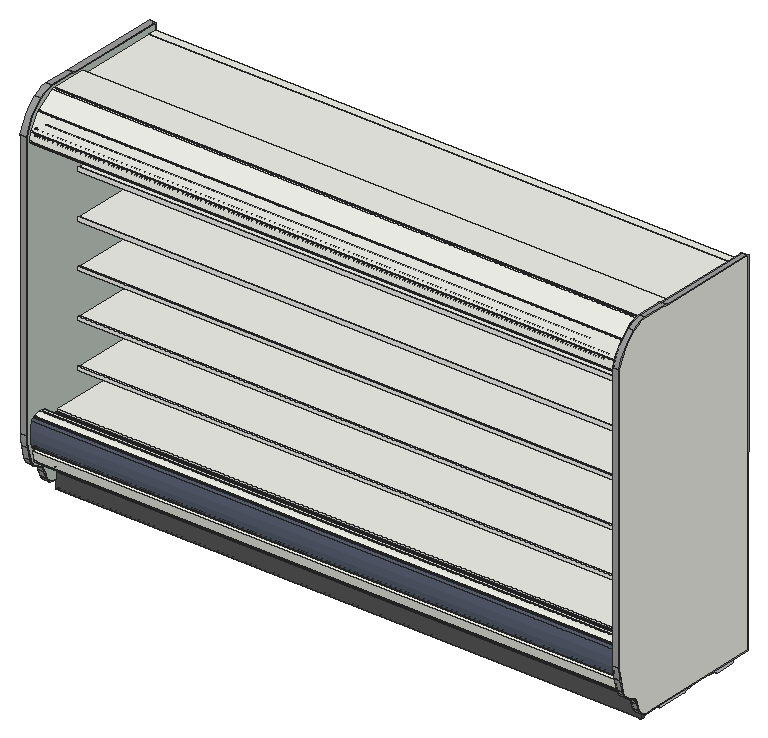
Revit family "ID6NL_2014", category Specialty Equipment, Revit 2014
Parameters (values of type "12'-0" Length")
  Width = 144 1/2"
  Waste Outlet Location = if(Width = 48 1/8", 24", if(Width = 72 1/4", 24", if(Width = 96 1/4", 24", if(Width = 144 1/2", 72", 0"))))  # 72"
  Waste Drain = 1 1/4"  # constant formula
  URL = "www.hussmann.com"
  Type Comments = ""
  Trim = Stainless Steel
  Total Weight = Case Weight + (2 * End Weight)  # 1800.00 lbf
  Top Clearance = 1 1/2"  # constant formula
  Supports = Width = 144 1/2"  # yes
  Splashguard = Textured Sheet Metal (Steel Painted) - 701 Black
  Side Panel - Right [instance] = yes
  Side Panel - Left [instance] = yes
  Shelves = Sheet Metal (Steel Painted) - 700 Interior White
  Shelf Lights [instance] = yes
  Shelf = yes
  Revit Family Date = "11/24/2015"  # constant formula
  Refrigeration Lines Suction = 7/8"  # constant formula
  Refrigeration Lines Liquid = 3/8"  # constant formula
  Refrig. Suction = "Suction"
  Refrig. Liquid = "Liquid"
  Number of Shelves = 5  # constant formula
  Note from Manufacturer = "This model only comes in 4'-0\", 6'-0\", 8'-0\", and 12'-0\" lengths."
  Model = "ID6NL"  # constant formula
  Manufacturer Disclaimer = "The information in this file is not intended to be an exact representation of the corresponding Hussmann product.  Further, we reserve the right to change or revise specifications and product design in connection with any feature of our products. Such changes do not entitle the buyer to corresponding changes, improvements, additions, or replacements for equipment previously sold or shipped."  # constant formula
  Manufacturer = "Hussmann Corporation"  # constant formula
  Height = 89"  # constant formula
  Ends = Textured Sheet Metal (Steel Painted) - 149 White Satin Matte
  End Weight = 100.00 lbf  # constant formula
  Description = ""
  Depth = 38 5/8"  # constant formula
  Clearance [instance] = no
  Center Support 1 = Width = 96 1/4"  # no
  Center Support 2 = Width = 72 1/4"  # no
  Case Weight = if(Width = 48 1/8", 800.00 lbf, if(Width = 72 1/4", 1000.00 lbf, if(Width = 96 1/4", 1200.00 lbf, if(Width = 144 1/2", 1600.00 lbf, 0.00 lbf))))  # 1600.00 lbf
  Case Interior - Side Panel = Mirror
  Case Interior - Back Panel = Sheet Metal (Steel Painted) - 700 Interior White
  Case = Textured Sheet Metal (Steel Painted) - 149 White Satin Matte
  Bumper = Extruded PVC - 739 Royal Blue
  Back Clearance = 1 1/2"  # constant formula
  Assembly Code = ""
  Accessories/Options = ""
Reference planes (in)
  plane 1 "Back": y = 0
  plane 2 "Bottom": z = 0
  plane 3 "Top": z = 89
  plane 4 "Left": x = -77.30699
  plane 5 "Front": y = -38.625
  plane 6 "Center (Left/Right)": x = -5.05699
  plane 7: y = 1.5
  plane 8: x = -78.80699
  plane 9 "Right": x = 67.19301
  plane 10: x = 68.69301
  plane 11: z = 24
  plane 12: z = 68
  plane 13: z = 90.5
Forms (in)
  Extrusion 1, solid, material "Metal - Copper"
    sketch origin (63.0625, 1.04319, 0) x (1, 0, 0) y (0, 1, 0)
      loop
        arc (-67.86949, -29.05062) -> (-68.31143, -29.23368) -> (-68.49449, -29.67562) r 0.625
        arc (-68.49449, -29.67562) -> (-68.31143, -30.11756) -> (-67.86949, -30.30062) r 0.625
        arc (-67.86949, -30.30062) -> (-67.42754, -30.11756) -> (-67.24449, -29.67562) r 0.625
        arc (-67.24449, -29.67562) -> (-67.42754, -29.23368) -> (-67.86949, -29.05062) r 0.625
      loop
        circle (-67.86949, -29.67562) r 0.5852
    from 5.56429 to 0
  Extrusion 2, solid, material "Metal - Copper"
    sketch origin (57.40105, 5, -0.375) x (1, 0, 0) y (0, 1, 0)
      loop
        circle (0.4877, -28.8707) r 0.41359
      loop
        circle (0.4877, -28.8707) r 0.4375
    from 5.93929 to 0.375
  Extrusion 3, solid, material "Metal - Copper"
    sketch origin (59.82608, 5, -0.375) x (1, 0, 0) y (0, 1, 0)
      loop
        circle (-1.31233, -28.8707) r 0.17188
      loop
        circle (-1.31233, -28.8707) r 0.1875
    from 5.93929 to 0.375
  Extrusion 4, solid, material "Extruded PVC - 739 Royal Blue" <- "Bumper"
    sketch origin (-5.05699, 0, 0) x (0, 1, 0) y (0, 0, 1)
      loop
        arc (-37.3441, 18.82348) -> (-37.51109, 18.79876) -> (-37.67229, 18.74864) r 1.09367
        arc (-37.67229, 18.74864) -> (-37.96587, 18.56662) -> (-38.17809, 18.29407) r 0.98023
        arc (-38.17809, 18.29407) -> (-38.61975, 15.47472) -> (-38.17809, 12.65537) r 9.21958
        arc (-38.17809, 12.65537) -> (-37.96587, 12.38282) -> (-37.67229, 12.2008) r 0.98023
        arc (-37.67229, 12.2008) -> (-37.63936, 12.18833) -> (-37.60604, 12.17692) r 1.10618
        arc (-37.60604, 12.17692) -> (-37.51976, 12.17767) -> (-37.45131, 12.2302) r 0.13596
        line (-37.45131, 12.2302) -> (-37.11966, 12.72188) -> (-37.11966, 18.44483) -> (-37.3441, 18.82348)
    from 72.25 to -72.25
  Extrusion 5, solid, material "Sheet Metal (Steel Painted) - 700 Interior White" <- "Case Interior - Back Panel"
    sketch origin (-5.05699, -0.20443, 0) x (0, 1, 0) y (0, 0, 1)
      loop
        line (-25.35587, 82.65598) -> (-7.70304, 82.50193) -> (-7.70304, 16.72278) -> (-6.34347, 16.72278) -> (-6.34347, 82.86506) -> (-25.35587, 83.03098) -> (-25.35587, 82.65598)
    from 72.25 to -72.25
  Extrusion 6, solid, material "Textured Sheet Metal (Steel Painted) - 701 Black" <- "Splashguard"
    sketch origin (-5.05699, 0.08013, -0.40175) x (0, 1, 0) y (0, 0, 1)
      loop
        line (-30.655, 4.08973) -> (-30.655, 0.45384)
        arc (-30.655, 0.45384) -> (-30.63003, 0.41059) -> (-30.5801, 0.41059) r 0.04993
        line (-30.5801, 0.41059) -> (-30.50521, 0.45384) -> (-30.30705, 0.45384)
        arc (-30.30705, 0.45384) -> (-30.22746, 0.40477) -> (-30.16667, 0.47581) r 0.07191
        line (-30.16667, 0.47581) -> (-30.16667, 4.37291)
        arc (-30.16667, 4.37291) -> (-30.19397, 4.41742) -> (-30.24602, 4.41326) r 0.04993
        line (-30.24602, 4.41326) -> (-30.63448, 4.13008)
        arc (-30.63448, 4.13008) -> (-30.64958, 4.11236) -> (-30.655, 4.08973) r 0.04993
    from 72.25 to -72.25
  Extrusion 7, solid, material "Sheet Metal (Steel Painted) - 700 Interior White" <- "Case Interior - Back Panel"
    sketch origin (-5.05699, 0, 0) x (0, 1, 0) y (0, 0, 1)
      loop
        line (-34.70437, 80.66904) -> (-34.70437, 81.83373) -> (-34.75935, 81.83373)
        arc (-34.75935, 81.83373) -> (-34.80908, 81.84806) -> (-34.84357, 81.88664) r 0.09347
        line (-34.84357, 81.88664) -> (-34.41746, 81.88664) -> (-34.41746, 81.80767) -> (-34.30349, 81.80767) -> (-34.30349, 81.56074) -> (-33.98459, 81.56074) -> (-33.98459, 81.80767) -> (-33.87063, 81.80767) -> (-33.87063, 81.88664) -> (-33.4946, 81.88664) -> (-33.4946, 81.5119) -> (-33.3822, 81.42269)
        arc (-33.3822, 81.42269) -> (-33.23151, 81.33282) -> (-33.05887, 81.30154) r 0.49204
        line (-33.05887, 81.30154) -> (-32.4097, 81.30154)
        arc (-32.4097, 81.30154) -> (-32.37634, 81.31536) -> (-32.36253, 81.34871) r 0.04717
        line (-32.36253, 81.34871) -> (-32.36253, 81.6497) -> (-27.31084, 81.6497)
        arc (-27.31084, 81.6497) -> (-27.32897, 81.62482) -> (-27.30622, 81.60408) r 0.02306
        line (-27.30622, 81.60408) -> (-27.03439, 81.60171)
        arc (-27.03439, 81.60171) -> (-27.00743, 81.6126) -> (-26.99608, 81.63936) r 0.03798
        line (-26.99608, 81.63936) -> (-26.98697, 82.68301) -> (-25.56003, 82.67055) -> (-25.5603, 83.04545) -> (-25.33222, 83.04346) -> (-25.31664, 84.82877) -> (-26.5658, 84.8409) -> (-26.5658, 86.30081) -> (-30.17769, 86.30081) -> (-30.17769, 85.58155) -> (-30.17769, 85.49118)
        arc (-30.17769, 85.49118) -> (-30.18926, 85.43865) -> (-30.22184, 85.39586) r 0.12496
        line (-30.22184, 85.39586) -> (-33.1838, 82.88502)
        arc (-33.1838, 82.88502) -> (-33.19539, 82.86991) -> (-33.19952, 82.85131) r 0.044
        line (-33.19952, 82.85131) -> (-33.19952, 81.91565) -> (-36.8422, 81.91565)
        arc (-36.8422, 81.91565) -> (-36.87331, 81.90276) -> (-36.8862, 81.87165) r 0.044
        line (-36.8862, 81.87165) -> (-36.8862, 80.66611)
        arc (-36.8862, 80.66611) -> (-36.85711, 80.63703) -> (-36.82803, 80.66611) r 0.02909
        line (-36.82803, 80.66611) -> (-36.82803, 81.88664) -> (-35.74981, 81.88664)
        arc (-35.74981, 81.88664) -> (-35.7843, 81.84806) -> (-35.83402, 81.83373) r 0.09347
        line (-35.83402, 81.83373) -> (-35.88901, 81.83373) -> (-35.88901, 80.66904) -> (-34.70437, 80.66904)
    from 72.25 to -72.25
  Extrusion 8, solid, material "Sheet Metal (Steel Painted) - 700 Interior White" <- "Shelves"
    sketch origin (-5.05699, 0, 0) x (0, 1, 0) y (0, 0, 1)
      loop
        line (-10.25824, 17.54252) -> (-30.2521, 17.54252) -> (-30.2521, 17.04942) -> (-30.66297, 17.04942)
        arc (-30.66297, 17.04942) -> (-30.76291, 17.03626) -> (-30.85604, 16.99769) r 0.38613
        line (-30.85604, 16.99769) -> (-31.00187, 16.91349) -> (-31.00187, 16.52158) -> (-30.9559, 16.52158) -> (-30.66934, 16.68703) -> (-29.25241, 16.68703) -> (-29.25241, 16.91771) -> (-10.25824, 16.91771) -> (-10.25824, 17.06466) -> (-9.60744, 17.06466) -> (-9.60744, 16.70177) -> (-8.95814, 16.70177) -> (-8.95814, 16.58181)
        arc (-8.95814, 16.58181) -> (-8.92857, 16.51043) -> (-8.85719, 16.48086) r 0.10095
        line (-8.85719, 16.48086) -> (-8.35926, 16.48086) -> (-8.35926, 16.40679) -> (-14.91132, 16.40679)
        arc (-14.91132, 16.40679) -> (-15.02482, 16.36153) -> (-15.07604, 16.25059) r 0.16495
        arc (-15.07604, 16.25059) -> (-15.12725, 16.13964) -> (-15.24076, 16.09438) r 0.16495
        line (-15.24076, 16.09438) -> (-18.69016, 16.09438)
        arc (-18.69016, 16.09438) -> (-19.61122, 16.05417) -> (-20.52527, 15.93383) r 10.568
        line (-20.52527, 15.93383) -> (-31.48626, 14.00111) -> (-31.77177, 13.95077) -> (-31.95587, 13.91831)
        arc (-31.95587, 13.91831) -> (-32.06235, 13.85048) -> (-32.08967, 13.72722) r 0.16495
        line (-32.08967, 13.72722) -> (-32.06949, 13.61277)
        arc (-32.06949, 13.61277) -> (-32.11089, 13.42602) -> (-32.27222, 13.32325) r 0.24992
        line (-32.27222, 13.32325) -> (-31.28772, 13.49684)
        arc (-31.28772, 13.49684) -> (-31.12258, 13.60522) -> (-31.0877, 13.79963) r 0.24992
        arc (-31.0877, 13.79963) -> (-31.06408, 13.92808) -> (-30.95509, 13.99961) r 0.16495
        line (-30.95509, 13.99961) -> (-20.509, 15.84153)
        arc (-20.509, 15.84153) -> (-19.60305, 15.9608) -> (-18.69016, 16.00066) r 10.47428
        line (-18.69016, 16.00066) -> (-15.13625, 16.00066)
        arc (-15.13625, 16.00066) -> (-15.02275, 16.04593) -> (-14.97153, 16.15688) r 0.16495
        arc (-14.97153, 16.15688) -> (-14.91986, 16.2678) -> (-14.80635, 16.31307) r 0.16495
        line (-14.80635, 16.31307) -> (-11.6023, 16.31307) -> (-11.49317, 16.31307) -> (-8.52028, 16.31307)
        arc (-8.52028, 16.31307) -> (-8.40365, 16.26475) -> (-8.35534, 16.14812) r 0.16495
        line (-8.35534, 16.14812) -> (-8.35534, 15.83571) -> (-8.35534, 15.77323) -> (-8.35534, 15.61328)
        arc (-8.35534, 15.61328) -> (-8.28213, 15.43656) -> (-8.10541, 15.36336) r 0.24992
        line (-8.10541, 15.36336) -> (-7.90747, 15.36336) -> (-7.90747, 17.97171) -> (-7.94466, 17.97171)
        arc (-7.94466, 17.97171) -> (-7.98871, 17.94581) -> (-8.03444, 17.92302) r 0.73739
        line (-8.03444, 17.92302) -> (-8.3593, 17.59816) -> (-8.3593, 17.09267) -> (-8.85719, 17.09267)
        arc (-8.85719, 17.09267) -> (-8.89545, 17.08514) -> (-8.92801, 17.06366) r 0.10095
        line (-8.92801, 17.06366) -> (-9.27355, 17.06366)
        arc (-9.27355, 17.06366) -> (-9.12879, 17.14999) -> (-9.13335, 17.31796) r 0.16545
        arc (-9.13335, 17.31796) -> (-9.15315, 17.3436) -> (-9.17757, 17.36488) r 0.16545
        line (-9.17757, 17.36488) -> (-9.40263, 17.49482) -> (-10.25824, 17.49482) -> (-10.25824, 17.54252)
    from -72.25 to 72.25
  Extrusion 9, solid, material "Textured Sheet Metal (Steel Painted) - 149 White Satin Matte" <- "Case"
    sketch origin (-5.05699, 0, 0) x (0, 1, 0) y (0, 0, 1)
      loop
        line (-33.89822, 81.91319) -> (-33.33907, 81.91319)
        arc (-33.33907, 81.91319) -> (-33.25071, 81.94979) -> (-33.21411, 82.03815) r 0.12496
        line (-33.21411, 82.03815) -> (-33.21411, 82.81426)
        arc (-33.21411, 82.81426) -> (-33.2024, 82.86707) -> (-33.16947, 82.90998) r 0.12496
        line (-33.16947, 82.90998) -> (-32.83324, 83.19212) -> (-30.23196, 85.39442)
        arc (-30.23196, 85.39442) -> (-30.20299, 85.43219) -> (-30.19268, 85.47866) r 0.10997
        line (-30.19268, 85.47866) -> (-30.19268, 86.30081) -> (-26.5658, 86.30081) -> (-26.5658, 84.82838) -> (-25.31664, 84.81626) -> (-25.33134, 83.13182) -> (-6.54791, 82.9679) -> (-6.54791, 16.72278)
        arc (-6.54791, 16.72278) -> (-7.07234, 16.57467) -> (-7.44128, 16.17361) r 1.00012
        arc (-7.44128, 16.17361) -> (-7.50833, 15.74402) -> (-7.61835, 15.32337) r 4.3077
        line (-7.61835, 15.32337) -> (-8.10541, 15.32337)
        arc (-8.10541, 15.32337) -> (-8.31041, 15.40828) -> (-8.39532, 15.61328) r 0.28991
        line (-8.39532, 15.61328) -> (-8.39532, 15.77323)
        arc (-8.39532, 15.77323) -> (-8.43192, 15.86159) -> (-8.52028, 15.89819) r 0.12496
        line (-8.52028, 15.89819) -> (-11.48631, 15.89819)
        arc (-11.48631, 15.89819) -> (-11.5703, 15.86575) -> (-11.61069, 15.78528) r 0.12496
        arc (-11.61069, 15.78528) -> (-11.70438, 15.59857) -> (-11.89925, 15.52331) r 0.28991
        line (-11.89925, 15.52331) -> (-18.69016, 15.52331)
        arc (-18.69016, 15.52331) -> (-19.56145, 15.48527) -> (-20.42611, 15.37143) r 9.99693
        line (-20.42611, 15.37143) -> (-32.02407, 13.3264) -> (-33.0864, 13.13908) -> (-33.19693, 13.12941) -> (-33.17814, 17.33353) -> (-33.33622, 18.26641)
        arc (-33.33622, 18.26641) -> (-33.34341, 18.28775) -> (-33.35685, 18.30583) r 0.07199
        line (-33.35685, 18.30583) -> (-34.2857, 19.21486)
        arc (-34.2857, 19.21486) -> (-34.30406, 19.22791) -> (-34.32556, 19.23463) r 0.07199
        line (-34.32556, 19.23463) -> (-35.23955, 19.36931)
        arc (-35.23955, 19.36931) -> (-35.29231, 19.35636) -> (-35.32272, 19.31051) r 0.07199
        arc (-35.32272, 19.31051) -> (-35.33203, 19.34897) -> (-35.36639, 19.36859) r 0.04998
        arc (-35.36639, 19.36859) -> (-36.38384, 19.31566) -> (-37.32995, 18.93763) r 3.11879
        arc (-37.32995, 18.93763) -> (-37.34929, 18.91617) -> (-37.35353, 18.88758) r 0.05
        line (-37.35353, 18.88758) -> (-37.3441, 18.82348) -> (-37.11966, 18.44483) -> (-37.11966, 12.72188) -> (-37.40231, 12.30285) -> (-37.36824, 12.33692)
        spline (-37.36824, 12.33692) -> (-37.35885, 12.34462) -> (-37.34813, 12.35035) -> (-37.3365, 12.35388) -> (-37.32441, 12.35507) -> (-37.31232, 12.35388) -> (-37.30069, 12.35036) -> (-37.28998, 12.34463) -> (-37.28059, 12.33692) -> (-37.27288, 12.32753) -> (-37.26715, 12.31681) -> (-37.26363, 12.30518) -> (-37.26244, 12.29309)
        line (-37.26244, 12.29309) -> (-37.26244, 11.6956)
        spline (-37.26244, 11.6956) -> (-37.26276, 11.68926) -> (-37.26373, 11.68299) -> (-37.26534, 11.67685) -> (-37.26756, 11.67091) -> (-37.27038, 11.66523) -> (-37.27376, 11.65986) -> (-37.27768, 11.65487) -> (-37.28208, 11.6503) -> (-37.28693, 11.64621) -> (-37.29217, 11.64264) -> (-37.29775, 11.63962) -> (-37.30361, 11.63719)
        line (-37.30361, 11.63719) -> (-37.30361, 12.00723)
        arc (-37.30361, 12.00723) -> (-37.33598, 12.05401) -> (-37.39117, 12.04019) r 0.04998
        line (-37.39117, 12.04019) -> (-37.86462, 11.50054)
        arc (-37.86462, 11.50054) -> (-37.87573, 11.4789) -> (-37.87531, 11.45457) r 0.04998
        line (-37.87531, 11.45457) -> (-37.20917, 8.98154)
        arc (-37.20917, 8.98154) -> (-37.17999, 8.92368) -> (-37.13025, 8.88215) r 0.15995
        line (-37.13025, 8.88215) -> (-31.33181, 5.77604)
        arc (-31.33181, 5.77604) -> (-31.29374, 5.77226) -> (-31.26414, 5.7965) r 0.04998
        line (-31.26414, 5.7965) -> (-31.15031, 6.00901) -> (-30.1685, 5.48308) -> (-30.125, 5.56429) -> (-8.75359, 5.56429) -> (0, 10.21474) -> (0, 87.85856) -> (-1.99786, 87.85856)
        arc (-1.99786, 87.85856) -> (-2.06278, 87.83492) -> (-2.09729, 87.77506) r 0.10095
        line (-2.09729, 87.77506) -> (-22.39608, 87.77506) -> (-22.39608, 88.87995) -> (-31.02335, 88.87995) -> (-31.26771, 88.87995) -> (-31.36885, 88.87995)
        arc (-31.36885, 88.87995) -> (-31.51301, 88.85871) -> (-31.64493, 88.79682) r 0.5
        line (-31.64493, 88.79682) -> (-36.00122, 85.91175)
        arc (-36.00122, 85.91175) -> (-36.01518, 85.89755) -> (-36.02217, 85.8789) r 0.04798
        arc (-36.02217, 85.8789) -> (-36.05435, 85.88245) -> (-36.08671, 85.8815) r 0.23299
        arc (-36.08671, 85.8815) -> (-36.161, 85.85622) -> (-36.21644, 85.80069) r 0.17276
        line (-36.21644, 85.80069) -> (-38.37975, 82.31521)
        arc (-38.37975, 82.31521) -> (-38.3956, 82.28409) -> (-38.40601, 82.25075) r 0.20743
        line (-38.40601, 82.25075) -> (-38.83447, 80.31966)
        arc (-38.83447, 80.31966) -> (-38.83346, 80.26132) -> (-38.80606, 80.20979) r 0.12496
        line (-38.80606, 80.20979) -> (-38.42909, 79.78374)
        arc (-38.42909, 79.78374) -> (-38.38682, 79.75261) -> (-38.3355, 79.74159) r 0.12496
        line (-38.3355, 79.74159) -> (-37.93343, 79.74159)
        arc (-37.93343, 79.74159) -> (-37.88804, 79.75012) -> (-37.84885, 79.77456) r 0.12496
        line (-37.84885, 79.77456) -> (-37.71231, 79.90011)
        arc (-37.71231, 79.90011) -> (-37.56777, 80.10467) -> (-37.51957, 80.35046) r 0.59861
        arc (-37.51957, 80.35046) -> (-37.5571, 80.51879) -> (-37.60194, 80.68533) r 3.95515
        arc (-37.60194, 80.68533) -> (-37.61217, 80.72824) -> (-37.59438, 80.7686) r 0.06915
        line (-37.59438, 80.7686) -> (-37.50897, 80.86218)
        arc (-37.50897, 80.86218) -> (-37.43748, 80.96449) -> (-37.39467, 81.08173) r 0.48189
        line (-37.39467, 81.08173) -> (-37.28829, 81.58537) -> (-37.21009, 81.86671)
        arc (-37.21009, 81.86671) -> (-37.17835, 81.95251) -> (-37.16757, 82.04335) r 0.38812
        line (-37.16757, 82.04335) -> (-37.16757, 82.31786)
        arc (-37.16757, 82.31786) -> (-37.14936, 82.36169) -> (-37.1055, 82.37985) r 0.06207
        line (-37.1055, 82.37985) -> (-36.85499, 82.37985)
        spline (-36.85499, 82.37985) -> (-36.84683, 82.37931) -> (-36.83881, 82.37771) -> (-36.83107, 82.37509) -> (-36.82374, 82.37147) -> (-36.81695, 82.36693) -> (-36.8108, 82.36154) -> (-36.80541, 82.35539) -> (-36.80087, 82.34859) -> (-36.79726, 82.34126) -> (-36.79463, 82.33352) -> (-36.79304, 82.3255) -> (-36.7925, 82.31735)
        line (-36.7925, 82.31735) -> (-36.7925, 82.06788)
        spline (-36.7925, 82.06788) -> (-36.79197, 82.05973) -> (-36.79038, 82.05171) -> (-36.78775, 82.04397) -> (-36.78414, 82.03665) -> (-36.7796, 82.02985) -> (-36.77421, 82.02371) -> (-36.76807, 82.01832) -> (-36.76127, 82.01378) -> (-36.75394, 82.01017) -> (-36.74621, 82.00754) -> (-36.73819, 82.00595) -> (-36.73004, 82.00541)
        line (-36.73004, 82.00541) -> (-36.29266, 82.00541) -> (-36.29266, 82.37981) -> (-34.78464, 82.37981) -> (-34.1516, 82.37981)
        arc (-34.1516, 82.37981) -> (-34.06324, 82.34321) -> (-34.02664, 82.25485) r 0.12496
        line (-34.02664, 82.25485) -> (-34.02664, 82.03815)
        arc (-34.02664, 82.03815) -> (-33.98927, 81.95056) -> (-33.90168, 81.91428) r 0.12387
    from -72.25 to 72.25
  Extrusion 10, solid, material "Textured Sheet Metal (Steel Painted) - 149 White Satin Matte" <- "Ends", visible <- "Side Panel - Right"
    sketch origin (67.19301, 0, 0) x (0, 0, 1) y (0, -1, 0)
      loop
        arc (89.42797, 31.48764) -> (88.94307, 33.29289) -> (88.03785, 34.92832) r 7.70757
        arc (88.03785, 34.92832) -> (85.09775, 37.77075) -> (81.36059, 39.43122) r 11.73094
        line (81.36059, 39.43122) -> (15.49949, 39.43122)
        arc (15.49949, 39.43122) -> (14.09787, 39.33936) -> (12.72023, 39.06533) r 10.73823
        line (12.72023, 39.06533) -> (9.68808, 38.25287)
        arc (9.68808, 38.25287) -> (8.49846, 37.64972) -> (7.65287, 36.61823) r 3.23806
        line (7.65287, 36.61823) -> (6.99362, 35.34956)
        arc (6.99362, 35.34956) -> (6.27233, 34.4697) -> (5.25758, 33.95521) r 2.76208
        arc (5.25758, 33.95521) -> (4.30295, 33.65422) -> (3.37819, 33.27117) r 11.47371
        arc (3.37819, 33.27117) -> (2.2995, 32.11339) -> (1.90797, 30.58018) r 3.19782
        line (1.90797, 30.58018) -> (1.90797, 29.54602) -> (2.09796, 29.54602) -> (2.09796, -0.23467) -> (89.23799, -0.23467) -> (89.23799, 24.98747) -> (89.42797, 24.98747) -> (89.42797, 31.48764)
    from 0.03125 to 1.5
  Extrusion 11, solid, material "Mirror" <- "Case Interior - Side Panel", visible <- "Side Panel - Right"
    sketch origin (67.19301, 0, 0) x (0, 0, 1) y (0, -1, 0)
      loop
        arc (89.42797, 31.48764) -> (88.94307, 33.29289) -> (88.03785, 34.92832) r 7.70757
        arc (88.03785, 34.92832) -> (85.09775, 37.77075) -> (81.36059, 39.43122) r 11.73094
        line (81.36059, 39.43122) -> (15.49949, 39.43122)
        arc (15.49949, 39.43122) -> (14.09787, 39.33936) -> (12.72023, 39.06533) r 10.73823
        line (12.72023, 39.06533) -> (9.68808, 38.25287)
        arc (9.68808, 38.25287) -> (8.49846, 37.64972) -> (7.65287, 36.61823) r 3.23806
        line (7.65287, 36.61823) -> (6.99362, 35.34956)
        arc (6.99362, 35.34956) -> (6.27233, 34.4697) -> (5.25758, 33.95521) r 2.76208
        arc (5.25758, 33.95521) -> (4.30295, 33.65422) -> (3.37819, 33.27117) r 11.47371
        arc (3.37819, 33.27117) -> (2.2995, 32.11339) -> (1.90797, 30.58018) r 3.19782
        line (1.90797, 30.58018) -> (1.90797, 29.54602) -> (2.09796, 29.54602) -> (2.09796, -0.23467) -> (89.23799, -0.23467) -> (89.23799, 24.98747) -> (89.42797, 24.98747) -> (89.42797, 31.48764)
    from 0 to 0.03125
  Sweep 12, solid, material "Stainless Steel" <- "Trim", visible <- "Side Panel - Right"
    path origin (67.19301, 0, 0) x (0, 0, 1) y (0, -1, 0)
      loop
        arc (89.42797, 31.48764) -> (88.94307, 33.29289) -> (88.03785, 34.92832) r 7.70757
        arc (88.03785, 34.92832) -> (85.09775, 37.77075) -> (81.36059, 39.43122) r 11.73094
        line (81.36059, 39.43122) -> (15.49949, 39.43122)
        arc (15.49949, 39.43122) -> (14.09787, 39.33936) -> (12.72023, 39.06533) r 10.73823
        line (12.72023, 39.06533) -> (9.68808, 38.25287)
        arc (9.68808, 38.25287) -> (8.49846, 37.64972) -> (7.65287, 36.61823) r 3.23806
        line (7.65287, 36.61823) -> (6.99362, 35.34956)
        arc (6.99362, 35.34956) -> (6.27233, 34.4697) -> (5.25758, 33.95521) r 2.76208
        arc (5.25758, 33.95521) -> (4.30295, 33.65422) -> (3.37819, 33.27117) r 11.47371
        arc (3.37819, 33.27117) -> (2.2995, 32.11339) -> (1.90797, 30.58018) r 3.19782
        line (1.90797, 30.58018) -> (1.90797, 29.54602) -> (2.09796, 29.54602) -> (2.09796, -0.23467) -> (89.23799, -0.23467) -> (89.23799, 24.98747) -> (89.42797, 24.98747) -> (89.42797, 31.48764)
    profile origin (67.19301, -28.23756, 89.42797) x (0, 0, 1) y (1, 0, 0)
      loop
        line (0, 0) -> (0.0625, 0) -> (0.0625, 1.5) -> (0, 1.5) -> (0, 0)
  Extrusion 13, solid, material "Textured Sheet Metal (Steel Painted) - 149 White Satin Matte" <- "Ends", visible <- "Side Panel - Left"
    sketch origin (-77.30699, 0, 0) x (0, 0, 1) y (0, 1, 0)
      loop
        line (89.42797, -31.48764) -> (89.42797, -24.98747) -> (89.23799, -24.98747) -> (89.23799, 0.23467) -> (2.09796, 0.23467) -> (2.09796, -29.54602) -> (1.90797, -29.54602) -> (1.90797, -30.58018)
        arc (1.90797, -30.58018) -> (2.2995, -32.11339) -> (3.37819, -33.27117) r 3.19782
        arc (3.37819, -33.27117) -> (4.30295, -33.65422) -> (5.25758, -33.95521) r 11.47371
        arc (5.25758, -33.95521) -> (6.27233, -34.4697) -> (6.99362, -35.34956) r 2.76208
        line (6.99362, -35.34956) -> (7.65287, -36.61823)
        arc (7.65287, -36.61823) -> (8.49846, -37.64972) -> (9.68808, -38.25287) r 3.23806
        line (9.68808, -38.25287) -> (12.72023, -39.06533)
        arc (12.72023, -39.06533) -> (14.09787, -39.33936) -> (15.49949, -39.43122) r 10.73823
        line (15.49949, -39.43122) -> (81.36059, -39.43122)
        arc (81.36059, -39.43122) -> (85.09775, -37.77075) -> (88.03785, -34.92832) r 11.73094
        arc (88.03785, -34.92832) -> (88.94307, -33.29289) -> (89.42797, -31.48764) r 7.70757
    from 0.03125 to 1.5
  Extrusion 14, solid, material "Mirror" <- "Case Interior - Side Panel", visible <- "Side Panel - Left"
    sketch origin (-77.30699, 0, 0) x (0, 0, 1) y (0, 1, 0)
      loop
        line (89.42797, -31.48764) -> (89.42797, -24.98747) -> (89.23799, -24.98747) -> (89.23799, 0.23467) -> (2.09796, 0.23467) -> (2.09796, -29.54602) -> (1.90797, -29.54602) -> (1.90797, -30.58018)
        arc (1.90797, -30.58018) -> (2.2995, -32.11339) -> (3.37819, -33.27117) r 3.19782
        arc (3.37819, -33.27117) -> (4.30295, -33.65422) -> (5.25758, -33.95521) r 11.47371
        arc (5.25758, -33.95521) -> (6.27233, -34.4697) -> (6.99362, -35.34956) r 2.76208
        line (6.99362, -35.34956) -> (7.65287, -36.61823)
        arc (7.65287, -36.61823) -> (8.49846, -37.64972) -> (9.68808, -38.25287) r 3.23806
        line (9.68808, -38.25287) -> (12.72023, -39.06533)
        arc (12.72023, -39.06533) -> (14.09787, -39.33936) -> (15.49949, -39.43122) r 10.73823
        line (15.49949, -39.43122) -> (81.36059, -39.43122)
        arc (81.36059, -39.43122) -> (85.09775, -37.77075) -> (88.03785, -34.92832) r 11.73094
        arc (88.03785, -34.92832) -> (88.94307, -33.29289) -> (89.42797, -31.48764) r 7.70757
    from 0 to 0.03125
  Sweep 15, solid, material "Stainless Steel" <- "Trim", visible <- "Side Panel - Left"
    path origin (-77.30699, 0, 0) x (0, 0, 1) y (0, 1, 0)
      loop
        line (89.42797, -31.48764) -> (89.42797, -24.98747) -> (89.23799, -24.98747) -> (89.23799, 0.23467) -> (2.09796, 0.23467) -> (2.09796, -29.54602) -> (1.90797, -29.54602) -> (1.90797, -30.58018)
        arc (1.90797, -30.58018) -> (2.2995, -32.11339) -> (3.37819, -33.27117) r 3.19782
        arc (3.37819, -33.27117) -> (4.30295, -33.65422) -> (5.25758, -33.95521) r 11.47371
        arc (5.25758, -33.95521) -> (6.27233, -34.4697) -> (6.99362, -35.34956) r 2.76208
        line (6.99362, -35.34956) -> (7.65287, -36.61823)
        arc (7.65287, -36.61823) -> (8.49846, -37.64972) -> (9.68808, -38.25287) r 3.23806
        line (9.68808, -38.25287) -> (12.72023, -39.06533)
        arc (12.72023, -39.06533) -> (14.09787, -39.33936) -> (15.49949, -39.43122) r 10.73823
        line (15.49949, -39.43122) -> (81.36059, -39.43122)
        arc (81.36059, -39.43122) -> (85.09775, -37.77075) -> (88.03785, -34.92832) r 11.73094
        arc (88.03785, -34.92832) -> (88.94307, -33.29289) -> (89.42797, -31.48764) r 7.70757
    profile origin (-77.30699, -28.23756, 89.42797) x (0, 0, -1) y (-1, 0, 0)
      loop
        line (0, 0) -> (0, 1.5) -> (-0.0625, 1.5) -> (-0.0625, 0) -> (0, 0)
  Extrusion 16, solid, material "Textured Sheet Metal (Steel Painted) - 149 White Satin Matte" <- "Case"
    sketch origin (-5.05699, 0.08013, -0.40175) x (0, 1, 0) y (0, 0, 1)
      loop
        arc (-31.19321, 5.56404) -> (-31.18652, 5.53907) -> (-31.16825, 5.5208) r 0.04993
        line (-31.16825, 5.5208) -> (-30.16667, 4.94254) -> (-30.16667, 2.53989) -> (-30.13172, 2.53989) -> (-30.13172, 4.93389)
        arc (-30.13172, 4.93389) -> (-30.13841, 4.95886) -> (-30.15669, 4.97713) r 0.04993
        line (-30.15669, 4.97713) -> (-31.15826, 5.55539) -> (-31.15826, 6.22125) -> (-31.19321, 6.22125) -> (-31.19321, 5.56404)
    from 72.25 to -72.25
Lines and regions (in)
  reference lines
    curve 1: line (-4.80699, -38.625, 0) -> (-4.80699, 0, 0)
    curve 2: line (58.32625, -38.625, 0) -> (58.32625, 0, 0)
    curve 3: line (-77.30699, -28.63243, 0) -> (67.19301, -28.63243, 0)
    curve 4: line (67.19301, -23.8707, 0) -> (-77.30699, -23.8707, 0)
  symbolic lines, style "Clearance", visible <- "Clearance"
    curve 5: line (-77.30699, 0, 0) -> (-77.30699, 1.5, 0)
    curve 6: line (-77.30699, 1.5, 0) -> (67.19301, 1.5, 0)
    curve 7: line (67.19301, 1.5, 0) -> (67.19301, 0, 0)
    curve 8: line (-5.05699, 0, 89.30049) -> (-5.05699, 0, 90.5)
    curve 9: line (-5.05699, 0, 90.5) -> (-5.05699, -38.625, 90.5)
    curve 10: line (-5.05699, -38.625, 90.5) -> (-5.05699, -38.625, 83.74872)
    curve 11: line (-77.30699, 0, 90.5) -> (67.19301, 0, 90.5)
    curve 12: line (67.19301, 0, 90.5) -> (67.19301, 0, 89.08292)
    curve 13: line (-5.05699, 0.29717, 87.85856) -> (-5.05699, 1.5, 87.85856)
    curve 14: line (-5.05699, 1.5, 87.85856) -> (-5.05699, 1.5, 0)
    curve 15: line (-77.30699, 0, 90.5) -> (-77.30699, 0, 89.08292)
  model lines, style "SpecialityEquipment", detail levels fine
    curve 16: line (-5.05699, -30.125, 5.56429) -> (-5.05699, -37.11966, 9.31118)
    curve 17: line (-5.05699, -37.11966, 9.31118) -> (-5.05699, -37.11966, 18.44483)
    curve 18: line (-5.05699, -37.11966, 18.44483) -> (-5.05699, -36.10749, 18.44483)
    curve 19: line (-5.05699, -36.10749, 18.44483) -> (-5.05699, -36.10749, 12.75409)
    curve 20: arc (-5.05699, -36.10749, 12.75409) -> (-5.05699, -36.06945, 12.5628) -> (-5.05699, -35.96109, 12.40064) r 0.49985
    curve 21: line (-5.05699, -35.96109, 12.40064) -> (-5.05699, -35.28186, 11.72141)
    curve 22: arc (-5.05699, -35.28186, 11.72141) -> (-5.05699, -35.17351, 11.55925) -> (-5.05699, -35.13546, 11.36797) r 0.49985
    curve 23: line (-5.05699, -35.13546, 11.36797) -> (-5.05699, -35.13546, 10.89315)
    curve 24: arc (-5.05699, -35.13546, 10.89315) -> (-5.05699, -34.98906, 10.53971) -> (-5.05699, -34.63561, 10.39331) r 0.49985
    curve 25: line (-5.05699, -34.63561, 10.39331) -> (-5.05699, -33.80606, 10.39331)
    curve 26: arc (-5.05699, -33.80606, 10.39331) -> (-5.05699, -33.45884, 10.25302) -> (-5.05699, -33.30652, 9.9109) r 0.49985
    curve 27: line (-5.05699, -33.30652, 9.9109) -> (-5.05699, -33.29673, 9.63036)
    curve 28: arc (-5.05699, -33.29673, 9.63036) -> (-5.05699, -33.22149, 9.38358) -> (-5.05699, -33.03321, 9.20719) r 0.49985
    curve 29: line (-5.05699, -33.03321, 9.20719) -> (-5.05699, -32.32884, 8.82988)
    curve 30: arc (-5.05699, -32.32884, 8.82988) -> (-5.05699, -32.21449, 8.78568) -> (-5.05699, -32.09282, 8.77064) r 0.49985
    curve 31: line (-5.05699, -32.09282, 8.77064) -> (-5.05699, -29.89605, 8.77064)
    curve 32: arc (-5.05699, -29.89605, 8.77064) -> (-5.05699, -29.64612, 8.83761) -> (-5.05699, -29.46317, 9.02056) r 0.49985
    curve 33: line (-5.05699, -29.46317, 9.02056) -> (-5.05699, -28.81491, 10.14338)
    curve 34: arc (-5.05699, -28.81491, 10.14338) -> (-5.05699, -28.63195, 10.32634) -> (-5.05699, -28.38203, 10.39331) r 0.49985
    curve 35: line (-5.05699, -28.38203, 10.39331) -> (-5.05699, -24.46861, 10.39331)
    curve 36: line (-5.05699, -24.46861, 10.39331) -> (-5.05699, -11.0985, 12.36048)
    curve 37: arc (-5.05699, -11.0985, 12.36048) -> (-5.05699, -8.93307, 13.34231) -> (-5.05699, -7.61835, 15.32337) r 4.3077
  model lines, style "SpecialityEquipment", not visible, detail levels fine
    curve 38: line (-5.05699, -30.125, 5.56429) -> (-5.05699, -37.11966, 9.31118)
    curve 39: line (-5.05699, -37.11966, 9.31118) -> (-5.05699, -37.11966, 18.44483)
    curve 40: line (-5.05699, -37.11966, 18.44483) -> (-5.05699, -36.10749, 18.44483)
    curve 41: line (-5.05699, -36.10749, 18.44483) -> (-5.05699, -36.10749, 12.75409)
    curve 42: arc (-5.05699, -36.10749, 12.75409) -> (-5.05699, -36.06945, 12.5628) -> (-5.05699, -35.96109, 12.40064) r 0.49985
    curve 43: line (-5.05699, -35.96109, 12.40064) -> (-5.05699, -35.28186, 11.72141)
    curve 44: arc (-5.05699, -35.28186, 11.72141) -> (-5.05699, -35.17351, 11.55925) -> (-5.05699, -35.13546, 11.36797) r 0.49985
    curve 45: line (-5.05699, -35.13546, 11.36797) -> (-5.05699, -35.13546, 10.89315)
    curve 46: arc (-5.05699, -35.13546, 10.89315) -> (-5.05699, -34.98906, 10.53971) -> (-5.05699, -34.63561, 10.39331) r 0.49985
    curve 47: line (-5.05699, -34.63561, 10.39331) -> (-5.05699, -33.80606, 10.39331)
    curve 48: arc (-5.05699, -33.80606, 10.39331) -> (-5.05699, -33.45884, 10.25302) -> (-5.05699, -33.30652, 9.9109) r 0.49985
    curve 49: line (-5.05699, -33.30652, 9.9109) -> (-5.05699, -33.29673, 9.63036)
    curve 50: arc (-5.05699, -33.29673, 9.63036) -> (-5.05699, -33.22149, 9.38358) -> (-5.05699, -33.03321, 9.20719) r 0.49985
    curve 51: line (-5.05699, -33.03321, 9.20719) -> (-5.05699, -32.32884, 8.82988)
    curve 52: arc (-5.05699, -32.32884, 8.82988) -> (-5.05699, -32.21449, 8.78568) -> (-5.05699, -32.09282, 8.77064) r 0.49985
    curve 53: line (-5.05699, -32.09282, 8.77064) -> (-5.05699, -29.89605, 8.77064)
    curve 54: arc (-5.05699, -29.89605, 8.77064) -> (-5.05699, -29.64612, 8.83761) -> (-5.05699, -29.46317, 9.02056) r 0.49985
    curve 55: line (-5.05699, -29.46317, 9.02056) -> (-5.05699, -28.81491, 10.14338)
    curve 56: arc (-5.05699, -28.81491, 10.14338) -> (-5.05699, -28.63195, 10.32634) -> (-5.05699, -28.38203, 10.39331) r 0.49985
    curve 57: line (-5.05699, -28.38203, 10.39331) -> (-5.05699, -24.46861, 10.39331)
    curve 58: line (-5.05699, -24.46861, 10.39331) -> (-5.05699, -11.0985, 12.36048)
    curve 59: arc (-5.05699, -11.0985, 12.36048) -> (-5.05699, -8.93307, 13.34231) -> (-5.05699, -7.61835, 15.32337) r 4.3077
Dimensions and locks (in)
  equal spacing: plane 4 "Left", plane 6 "Center (Left/Right)", plane 9 "Right"
  locked: plane 8 to plane 4 "Left" at 1.5
  "Width": plane 4 "Left" to plane 9 "Right"
  "Waste Outlet Location": curve 1 to plane 9 "Right"
  "Depth": plane 5 "Front" to plane 1 "Back"
  "Back Clearance": plane 1 "Back" to plane 7
  locked: curve 2 to plane 9 "Right" at 8.86676
  "Height": plane 3 "Top" to level
  locked: plane 1 "Back" to curve 3 at 28.63243
  locked: plane 1 "Back" to curve 4 at 23.8707
  locked: plane 9 "Right" to plane 10 at 1.5
  locked: plane 11 to level at 24
  plane 12 to level = 68"
  "Top Clearance": plane 13 to plane 3 "Top"
  locked: Extrusion 1 sketch curve to Extrusion 1 sketch curve at 0.0398
  locked: Extrusion 3 sketch curve to Extrusion 3 sketch curve at 0.01562
  locked: Extrusion 2 sketch curve to Extrusion 2 sketch curve at 0.02391
  nested 2 to plane 6 "Center (Left/Right)" to nested 1 = 24" locked, 24" locked
  equal spacing: group 1, group 3, group 4, group 5, group 2  (x3)
  "Waste Drain": diameter of Extrusion 1 sketch curve
  "Refrigeration Lines Liquid": diameter of Extrusion 3 sketch curve
  "Refrigeration Lines Suction": diameter of Extrusion 2 sketch curve
  aligned and locked: plane 5 "Front" to curve 1
  aligned and locked: plane 4 "Left" to curve 3
  aligned and locked: plane 4 "Left" to curve 4
  aligned and locked: plane 9 "Right" to curve 4
  aligned and locked: plane 9 "Right" to curve 3
  aligned and locked: Extrusion 2 to level
  aligned and locked: Extrusion 3 to level
  aligned and locked: curve 4 to Extrusion 3 sketch curve  (x4)
  aligned and locked: curve 4 to Extrusion 2 sketch curve  (x4)
  aligned and locked: curve 3 to Extrusion 1 sketch curve  (x3)
  aligned and locked: curve 1 to Extrusion 1 sketch curve
  aligned and locked: curve 2 to Extrusion 3 sketch curve
  aligned and locked: curve 2 to Extrusion 2 sketch curve
  aligned and locked: plane 9 "Right" to nested 4
  aligned and locked: nested 4 to plane 1 "Back"
  aligned and locked: plane 4 "Left" to nested 3
  aligned and locked: plane 1 "Back" to nested 3
  aligned and locked: plane 1 "Back" to nested 2
  aligned and locked: plane 1 "Back" to nested 1
  aligned and locked: Extrusion 4 to plane 4 "Left"
  aligned and locked: plane 9 "Right" to Extrusion 4
  aligned and locked: plane 11 to nested 5
  aligned and locked: plane 12 to nested 6
  aligned and locked: Extrusion 5 to plane 4 "Left"
  aligned and locked: plane 9 "Right" to Extrusion 5
  aligned and locked: Extrusion 6 to plane 4 "Left"
  aligned and locked: plane 9 "Right" to Extrusion 6
  aligned and locked: Extrusion 7 to plane 4 "Left"
  aligned and locked: plane 9 "Right" to Extrusion 7
  aligned and locked: curve 7 to plane 9 "Right"
  aligned and locked: curve 6 to plane 7
  aligned and locked: plane 4 "Left" to curve 5
  aligned and locked: curve 10 to plane 5 "Front"
  aligned and locked: curve 9 to plane 13
  aligned and locked: curve 8 to plane 1 "Back"
  aligned and locked: Extrusion 5 to nested 5
  aligned and locked: Extrusion 5 to nested 7
  aligned and locked: Extrusion 5 to nested 8
  aligned and locked: Extrusion 5 to nested 6
  aligned and locked: plane 6 "Center (Left/Right)" to nested 9
  aligned and locked: plane 4 "Left" to nested 10
  aligned and locked: plane 4 "Left" to nested 11
  aligned and locked: plane 4 "Left" to nested 12
  aligned and locked: plane 4 "Left" to nested 13
  aligned and locked: plane 4 "Left" to nested 14
  aligned and locked: Extrusion 8 to plane 4 "Left"
  aligned and locked: plane 9 "Right" to Extrusion 8
  aligned and locked: Extrusion 9 to plane 4 "Left"
  aligned and locked: plane 9 "Right" to Extrusion 9
  aligned and locked: plane 10 to Extrusion 10
  aligned and locked: Extrusion 11 to plane 9 "Right"
  aligned and locked: Sweep 12 sketch curve to profile plane
  aligned and locked: plane 10 to Sweep 12 sketch curve
  aligned and locked: plane 6 "Center (Left/Right)" to nested 15
  aligned and locked: plane 13 to curve 11
  aligned and locked: curve 12 to plane 9 "Right"
  aligned and locked: curve 14 to plane 7
  aligned and locked: plane 4 "Left" to nested 17
  aligned and locked: Sweep 15 sketch curve to profile plane
  aligned and locked: Sweep 15 sketch curve to plane 8
  aligned and locked: plane 8 to Extrusion 13
  aligned and locked: plane 4 "Left" to Extrusion 14
  aligned and locked: Extrusion 16 to plane 4 "Left"
  aligned and locked: plane 9 "Right" to Extrusion 16
Automatic sketch dimensions
  curve 15 to plane 4 "Left" = 0"
  curve 15 to plane 3 "Top" = 0.08292"
  curve 12 to plane 3 "Top" = 0.08292"
  plane 1 "Back" to curve 7 = 0"
  plane 1 "Back" to curve 5 = 0"
  plane 3 "Top" to Extrusion 5 sketch curve = 6.34402"
  plane 5 "Front" to Extrusion 5 sketch curve = 13.0647"
  plane 1 "Back" to Extrusion 5 sketch curve = 7.90747"
  Extrusion 5 sketch curve to Extrusion 5 sketch curve = 1.35957"
  plane 3 "Top" to Extrusion 5 sketch curve = 6.49807"
  Extrusion 5 sketch curve to plane 11 = 7.27722"
  Extrusion 5 sketch curve to Extrusion 5 sketch curve = 0.36313"
  Extrusion 5 sketch curve to Extrusion 5 sketch curve = 3/8"
  level to Extrusion 6 sketch curve = 0.05208"  (x2)
  level to Extrusion 6 sketch curve = 3.72833"
  Extrusion 6 sketch curve to Extrusion 6 sketch curve = 0.02052"
  Extrusion 6 sketch curve to Extrusion 6 sketch curve = 0.04993"
  Extrusion 6 sketch curve to Extrusion 6 sketch curve = 0.02941"  (x2)
  level to Extrusion 6 sketch curve = 0.00884"
  Extrusion 6 sketch curve to Extrusion 6 sketch curve = 0.0749"
  Extrusion 6 sketch curve to Extrusion 6 sketch curve = 0.19816"
  level to Extrusion 6 sketch curve = 4.0115"
  Extrusion 6 sketch curve to Extrusion 6 sketch curve = 0.38847"
  Extrusion 6 sketch curve to Extrusion 6 sketch curve = 0.06847"
  Extrusion 6 sketch curve to Extrusion 6 sketch curve = 0.04035"
  plane 5 "Front" to Extrusion 7 sketch curve = 1.7388"
  Extrusion 7 sketch curve to Extrusion 7 sketch curve = 0.02909"
  Extrusion 7 sketch curve to Extrusion 7 sketch curve = 0.01417"
  Extrusion 7 sketch curve to Extrusion 7 sketch curve = 0.93902"
  Extrusion 7 sketch curve to Extrusion 7 sketch curve = 0.05498"  (x2)
  Extrusion 7 sketch curve to Extrusion 7 sketch curve = 0.08421"  (x2)
  Extrusion 7 sketch curve to Extrusion 7 sketch curve = 29/32"
  Extrusion 7 sketch curve to Extrusion 7 sketch curve = 0.28691"
  Extrusion 7 sketch curve to Extrusion 7 sketch curve = 0.11396"  (x2)
  Extrusion 7 sketch curve to Extrusion 7 sketch curve = 0.3189"
  Extrusion 7 sketch curve to Extrusion 7 sketch curve = 0.37603"
  Extrusion 7 sketch curve to Extrusion 7 sketch curve = 0.11239"
  Extrusion 7 sketch curve to Extrusion 7 sketch curve = 0.29508"
  Extrusion 7 sketch curve to Extrusion 7 sketch curve = 0.01572"
  Extrusion 7 sketch curve to Extrusion 7 sketch curve = 0.02828"
  Extrusion 7 sketch curve to Extrusion 7 sketch curve = 0.32333"
  Extrusion 7 sketch curve to Extrusion 7 sketch curve = 0.64917"
  Extrusion 7 sketch curve to Extrusion 7 sketch curve = 0.04717"
  Extrusion 7 sketch curve to Extrusion 7 sketch curve = 2.88115"
  plane 3 "Top" to Extrusion 7 sketch curve = 3.60414"
  Extrusion 7 sketch curve to Extrusion 7 sketch curve = 0.0808"
  Extrusion 7 sketch curve to Extrusion 7 sketch curve = 0.12496"
  Extrusion 7 sketch curve to Extrusion 7 sketch curve = 2.911"
  Extrusion 7 sketch curve to Extrusion 7 sketch curve = 0.00462"
  Extrusion 7 sketch curve to Extrusion 7 sketch curve = 0.0002"
  Extrusion 7 sketch curve to Extrusion 7 sketch curve = 0.27184"
  Extrusion 7 sketch curve to Extrusion 7 sketch curve = 0.00033"
  plane 3 "Top" to Extrusion 7 sketch curve = 7.36064"
  Extrusion 7 sketch curve to Extrusion 7 sketch curve = 0.03798"
  plane 3 "Top" to Extrusion 7 sketch curve = 6.31699"
  Extrusion 7 sketch curve to Extrusion 7 sketch curve = 0.00911"
  Extrusion 7 sketch curve to Extrusion 7 sketch curve = 3.61189"
  plane 3 "Top" to Extrusion 7 sketch curve = 5.95455"
  Extrusion 7 sketch curve to Extrusion 7 sketch curve = 1.42667"
  plane 3 "Top" to Extrusion 7 sketch curve = 6.32945"
  plane 3 "Top" to Extrusion 7 sketch curve = 5.95654"
  Extrusion 7 sketch curve to Extrusion 7 sketch curve = 0.22808"
  plane 3 "Top" to Extrusion 7 sketch curve = 4.17123"
  Extrusion 7 sketch curve to Extrusion 7 sketch curve = 0.01221"
  Extrusion 7 sketch curve to Extrusion 7 sketch curve = 0.02306"
  Extrusion 7 sketch curve to Extrusion 7 sketch curve = 0.03765"
  Extrusion 7 sketch curve to Extrusion 7 sketch curve = 0.08895"
  Extrusion 7 sketch curve to Extrusion 7 sketch curve = 0.04884"
  Extrusion 7 sketch curve to Extrusion 7 sketch curve = 0.08921"
  Extrusion 7 sketch curve to Extrusion 7 sketch curve = 0.30099"
  Extrusion 7 sketch curve to Extrusion 7 sketch curve = 0.8917"
  Extrusion 7 sketch curve to Extrusion 7 sketch curve = 0.00293"
  Extrusion 7 sketch curve to Extrusion 7 sketch curve = 0.24692"  (x2)
  Extrusion 7 sketch curve to Extrusion 7 sketch curve = 1.16469"
  Extrusion 7 sketch curve to Extrusion 7 sketch curve = 0.02606"
  Extrusion 7 sketch curve to Extrusion 7 sketch curve = 0.03792"
  Extrusion 7 sketch curve to Extrusion 7 sketch curve = 0.05291"  (x2)
  Extrusion 7 sketch curve to Extrusion 7 sketch curve = 0.02901"
  Extrusion 7 sketch curve to Extrusion 7 sketch curve = 0.93566"
  Extrusion 7 sketch curve to Extrusion 7 sketch curve = 0.01213"
  Extrusion 7 sketch curve to Extrusion 7 sketch curve = 0.09037"
  Extrusion 7 sketch curve to Extrusion 7 sketch curve = 1.45991"
  plane 3 "Top" to curve 13 = 1.14144"
  curve 13 to plane 1 "Back" = 0.29717"
  plane 3 "Top" to curve 10 = 5.25128"
  curve 8 to plane 3 "Top" = 0.30049"
  Extrusion 8 sketch curve to Extrusion 8 sketch curve = 0"  (x9)
  plane 5 "Front" to Extrusion 8 sketch curve = 6.30938"
  Extrusion 8 sketch curve to Extrusion 8 sketch curve = 0.22595"
  Extrusion 8 sketch curve to Extrusion 8 sketch curve = 0.02018"
  Extrusion 8 sketch curve to Extrusion 8 sketch curve = 0.1338"
  Extrusion 8 sketch curve to Extrusion 8 sketch curve = 0.16244"  (x3)
  Extrusion 8 sketch curve to Extrusion 8 sketch curve = 0.1841"
  Extrusion 8 sketch curve to Extrusion 8 sketch curve = 0.28551"
  Extrusion 8 sketch curve to Extrusion 8 sketch curve = 0.15515"
  Extrusion 8 sketch curve to Extrusion 8 sketch curve = 0.0434"  (x3)
  Extrusion 8 sketch curve to Extrusion 8 sketch curve = 31/64"
  Extrusion 8 sketch curve to Extrusion 8 sketch curve = 0.04597"
  Extrusion 8 sketch curve to Extrusion 8 sketch curve = 0.37602"
  Extrusion 8 sketch curve to Extrusion 8 sketch curve = 0.02864"
  Extrusion 8 sketch curve to Extrusion 8 sketch curve = 0.14583"
  Extrusion 8 sketch curve to Extrusion 8 sketch curve = 0.28657"
  Extrusion 8 sketch curve to Extrusion 8 sketch curve = 0.19307"
  Extrusion 8 sketch curve to Extrusion 8 sketch curve = 0.41087"
  Extrusion 8 sketch curve to Extrusion 8 sketch curve = 0.99969"
  Extrusion 8 sketch curve to plane 11 = 8.06617"
  Extrusion 8 sketch curve to Extrusion 8 sketch curve = 8.72713"
  Extrusion 8 sketch curve to plane 11 = 8.15847"
  Extrusion 8 sketch curve to Extrusion 8 sketch curve = 0.01627"
  Extrusion 8 sketch curve to Extrusion 8 sketch curve = 1.81884"
  Extrusion 8 sketch curve to Extrusion 8 sketch curve = 3.4494"
  Extrusion 8 sketch curve to Extrusion 8 sketch curve = 0.1045"
  Extrusion 8 sketch curve to Extrusion 8 sketch curve = 0.22493"
  Extrusion 8 sketch curve to Extrusion 8 sketch curve = 0.10497"
  Extrusion 8 sketch curve to Extrusion 8 sketch curve = 3.20406"
  Extrusion 8 sketch curve to Extrusion 8 sketch curve = 0.10913"
  Extrusion 8 sketch curve to Extrusion 8 sketch curve = 1.23493"
  Extrusion 8 sketch curve to Extrusion 8 sketch curve = 0.6508"
  Extrusion 8 sketch curve to Extrusion 8 sketch curve = 0.20482"
  Extrusion 8 sketch curve to Extrusion 8 sketch curve = 0.12908"
  Extrusion 8 sketch curve to Extrusion 8 sketch curve = 0.09597"
  Extrusion 8 sketch curve to Extrusion 8 sketch curve = 0.3154"
  Extrusion 8 sketch curve to Extrusion 8 sketch curve = 0.34554"
  Extrusion 8 sketch curve to Extrusion 8 sketch curve = 0.07082"
  Extrusion 8 sketch curve to Extrusion 8 sketch curve = 0.10095"
  Extrusion 8 sketch curve to Extrusion 8 sketch curve = 0.3369"
  Extrusion 8 sketch curve to Extrusion 8 sketch curve = 0.49789"
  Extrusion 8 sketch curve to Extrusion 8 sketch curve = 0.16102"
  Extrusion 8 sketch curve to Extrusion 8 sketch curve = 0.16495"  (x2)
  Extrusion 8 sketch curve to Extrusion 8 sketch curve = 0.01906"
  Extrusion 8 sketch curve to Extrusion 8 sketch curve = 0.24992"
  Extrusion 8 sketch curve to Extrusion 8 sketch curve = 0.32486"  (x2)
  Extrusion 8 sketch curve to Extrusion 8 sketch curve = 0.08978"
  Extrusion 8 sketch curve to Extrusion 8 sketch curve = 0.03719"
  Extrusion 8 sketch curve to plane 11 = 8.16429"
  Extrusion 8 sketch curve to Extrusion 8 sketch curve = 1/16"
  Extrusion 8 sketch curve to Extrusion 8 sketch curve = 0.15995"
  Extrusion 8 sketch curve to plane 11 = 9.99889"
  Extrusion 8 sketch curve to Extrusion 8 sketch curve = 0.00151"
  Extrusion 8 sketch curve to Extrusion 8 sketch curve = 0.05034"
  Extrusion 8 sketch curve to Extrusion 8 sketch curve = 0.03246"
  Extrusion 8 sketch curve to Extrusion 8 sketch curve = 0.25814"
  Extrusion 8 sketch curve to Extrusion 8 sketch curve = 0.11445"
  Extrusion 8 sketch curve to Extrusion 8 sketch curve = 0.24613"
  level to Extrusion 8 sketch curve = 5.52638"
  Extrusion 8 sketch curve to Extrusion 8 sketch curve = 0.3124"
  Extrusion 8 sketch curve to Extrusion 8 sketch curve = 0.07123"  (x2)
  Extrusion 8 sketch curve to Extrusion 8 sketch curve = 0.09372"  (x2)
  Extrusion 8 sketch curve to Extrusion 8 sketch curve = 0.07407"
  Extrusion 8 sketch curve to Extrusion 8 sketch curve = 2.52197"
  Extrusion 8 sketch curve to Extrusion 8 sketch curve = 0.14171"
  Extrusion 8 sketch curve to Extrusion 8 sketch curve = 0.02374"
  Extrusion 8 sketch curve to Extrusion 8 sketch curve = 0.11996"
  Extrusion 8 sketch curve to Extrusion 8 sketch curve = 0.39191"
  Extrusion 8 sketch curve to Extrusion 8 sketch curve = 0.21593"
  Extrusion 8 sketch curve to Extrusion 8 sketch curve = 0.28994"
  Extrusion 8 sketch curve to Extrusion 8 sketch curve = 0.0842"
  Extrusion 8 sketch curve to Extrusion 8 sketch curve = 0.07195"
  Extrusion 8 sketch curve to Extrusion 8 sketch curve = 0.001"
  Extrusion 8 sketch curve to Extrusion 8 sketch curve = 0.16645"
  Extrusion 8 sketch curve to Extrusion 8 sketch curve = 0.13477"
  Extrusion 8 sketch curve to Extrusion 8 sketch curve = 0.43015"
  Extrusion 8 sketch curve to Extrusion 8 sketch curve = 0.0477"
  Extrusion 8 sketch curve to Extrusion 8 sketch curve = 0.50549"
  Extrusion 8 sketch curve to Extrusion 8 sketch curve = 0.04869"
  Extrusion 8 sketch curve to Extrusion 8 sketch curve = 0.16125"
  Extrusion 8 sketch curve to Extrusion 8 sketch curve = 0.00059"
  Extrusion 8 sketch curve to Extrusion 8 sketch curve = 0.06021"
  Extrusion 8 sketch curve to Extrusion 8 sketch curve = 0.00046"
  Extrusion 8 sketch curve to Extrusion 8 sketch curve = 0.04423"
  level to Extrusion 10 sketch curve = 1.90797"
  Extrusion 10 sketch curve to Extrusion 10 sketch curve = 0.18999"  (x2)
  plane 5 "Front" to Extrusion 10 sketch curve = 2.00183"
  level to Extrusion 10 sketch curve = 4.5427"
  Extrusion 10 sketch curve to Extrusion 10 sketch curve = 3 1/128"
  plane 5 "Front" to Extrusion 10 sketch curve = 3.27544"
  Extrusion 10 sketch curve to Extrusion 10 sketch curve = 2.45092"
  plane 5 "Front" to Extrusion 10 sketch curve = 2.00677"
  Extrusion 10 sketch curve to Extrusion 10 sketch curve = 0.65926"
  level to Extrusion 10 sketch curve = 8.22719"
  plane 5 "Front" to Extrusion 10 sketch curve = 0.37213"
  Extrusion 10 sketch curve to Extrusion 10 sketch curve = 2.03521"
  Extrusion 10 sketch curve to Extrusion 10 sketch curve = 2.87328"
  Extrusion 10 sketch curve to plane 5 "Front" = 0.44033"
  Extrusion 10 sketch curve to Extrusion 10 sketch curve = 3.03215"
  Extrusion 10 sketch curve to plane 5 "Front" = 0.80622"
  Extrusion 10 sketch curve to Extrusion 10 sketch curve = 2.77926"
  plane 3 "Top" to Extrusion 10 sketch curve = 10.46114"
  plane 3 "Top" to Extrusion 10 sketch curve = 7.63941"
  Extrusion 10 sketch curve to Extrusion 10 sketch curve = 3.25788"
  Extrusion 10 sketch curve to plane 3 "Top" = 0.23799"
  plane 5 "Front" to Extrusion 10 sketch curve = 10.58029"
  Extrusion 10 sketch curve to Extrusion 10 sketch curve = 3.05723"
  Extrusion 10 sketch curve to Extrusion 10 sketch curve = 5.82054"
  Extrusion 10 sketch curve to plane 1 "Back" = 0.23467"
  Extrusion 10 sketch curve to Extrusion 10 sketch curve = 4.40919"
  Extrusion 10 sketch curve to Extrusion 10 sketch curve = 2.36088"
  Extrusion 10 sketch curve to Extrusion 10 sketch curve = 1.03416"
  Extrusion 10 sketch curve to Extrusion 10 sketch curve = 3.44068"
  Extrusion 10 sketch curve to Extrusion 10 sketch curve = 1.87939"
  level to Extrusion 11 sketch curve = 1.90797"
  Extrusion 11 sketch curve to Extrusion 11 sketch curve = 0.18999"  (x2)
  plane 5 "Front" to Extrusion 11 sketch curve = 2.00183"
  level to Extrusion 11 sketch curve = 4.5427"
  Extrusion 11 sketch curve to Extrusion 11 sketch curve = 3 1/128"
  plane 5 "Front" to Extrusion 11 sketch curve = 3.27544"
  Extrusion 11 sketch curve to Extrusion 11 sketch curve = 2.45092"
  plane 5 "Front" to Extrusion 11 sketch curve = 2.00677"
  Extrusion 11 sketch curve to Extrusion 11 sketch curve = 0.65926"
  level to Extrusion 11 sketch curve = 8.22719"
  plane 5 "Front" to Extrusion 11 sketch curve = 0.37213"
  Extrusion 11 sketch curve to Extrusion 11 sketch curve = 2.03521"
  Extrusion 11 sketch curve to Extrusion 11 sketch curve = 2.87328"
  Extrusion 11 sketch curve to plane 5 "Front" = 0.44033"
  Extrusion 11 sketch curve to Extrusion 11 sketch curve = 3.03215"
  Extrusion 11 sketch curve to plane 5 "Front" = 0.80622"
  Extrusion 11 sketch curve to Extrusion 11 sketch curve = 2.77926"
  plane 3 "Top" to Extrusion 11 sketch curve = 10.46114"
  plane 3 "Top" to Extrusion 11 sketch curve = 7.63941"
  Extrusion 11 sketch curve to Extrusion 11 sketch curve = 3.25788"
  Extrusion 11 sketch curve to plane 3 "Top" = 0.23799"
  plane 5 "Front" to Extrusion 11 sketch curve = 10.58029"
  Extrusion 11 sketch curve to Extrusion 11 sketch curve = 3.05723"
  Extrusion 11 sketch curve to Extrusion 11 sketch curve = 5.82054"
  Extrusion 11 sketch curve to plane 1 "Back" = 0.23467"
  Extrusion 11 sketch curve to Extrusion 11 sketch curve = 4.40919"
  Extrusion 11 sketch curve to Extrusion 11 sketch curve = 2.36088"
  Extrusion 11 sketch curve to Extrusion 11 sketch curve = 1.03416"
  Extrusion 11 sketch curve to Extrusion 11 sketch curve = 3.44068"
  Extrusion 11 sketch curve to Extrusion 11 sketch curve = 1.87939"
  level to Sweep 12 sketch curve = 1.90797"
  Sweep 12 sketch curve to Sweep 12 sketch curve = 0.18999"  (x2)
  plane 5 "Front" to Sweep 12 sketch curve = 2.00183"
  level to Sweep 12 sketch curve = 4.5427"
  Sweep 12 sketch curve to Sweep 12 sketch curve = 3 1/128"
  plane 5 "Front" to Sweep 12 sketch curve = 3.27544"
  Sweep 12 sketch curve to Sweep 12 sketch curve = 2.45092"
  plane 5 "Front" to Sweep 12 sketch curve = 2.00677"
  Sweep 12 sketch curve to Sweep 12 sketch curve = 0.65926"
  level to Sweep 12 sketch curve = 8.22719"
  plane 5 "Front" to Sweep 12 sketch curve = 0.37213"
  Sweep 12 sketch curve to Sweep 12 sketch curve = 2.03521"
  Sweep 12 sketch curve to Sweep 12 sketch curve = 2.87328"
  Sweep 12 sketch curve to plane 5 "Front" = 0.44033"
  Sweep 12 sketch curve to Sweep 12 sketch curve = 3.03215"
  Sweep 12 sketch curve to plane 5 "Front" = 0.80622"
  Sweep 12 sketch curve to Sweep 12 sketch curve = 2.77926"
  plane 3 "Top" to Sweep 12 sketch curve = 10.46114"
  plane 3 "Top" to Sweep 12 sketch curve = 7.63941"
  Sweep 12 sketch curve to Sweep 12 sketch curve = 3.25788"
  Sweep 12 sketch curve to plane 3 "Top" = 0.23799"
  plane 5 "Front" to Sweep 12 sketch curve = 10.58029"
  Sweep 12 sketch curve to Sweep 12 sketch curve = 3.05723"
  Sweep 12 sketch curve to Sweep 12 sketch curve = 5.82054"
  Sweep 12 sketch curve to plane 1 "Back" = 0.23467"
  Sweep 12 sketch curve to Sweep 12 sketch curve = 4.40919"
  Sweep 12 sketch curve to Sweep 12 sketch curve = 2.36088"
  Sweep 12 sketch curve to Sweep 12 sketch curve = 1.03416"
  Sweep 12 sketch curve to Sweep 12 sketch curve = 3.44068"
  Sweep 12 sketch curve to Sweep 12 sketch curve = 1.87939"
  Sweep 12 sketch curve to profile plane = 0"
  Sweep 12 sketch curve to Sweep 12 sketch curve = 1/16"
  level to Extrusion 13 sketch curve = 1.90797"
  Extrusion 13 sketch curve to Extrusion 13 sketch curve = 0.18999"  (x2)
  plane 5 "Front" to Extrusion 13 sketch curve = 2.00183"
  level to Extrusion 13 sketch curve = 4.5427"
  Extrusion 13 sketch curve to Extrusion 13 sketch curve = 3 1/128"
  plane 5 "Front" to Extrusion 13 sketch curve = 3.27544"
  Extrusion 13 sketch curve to Extrusion 13 sketch curve = 2.45092"
  plane 5 "Front" to Extrusion 13 sketch curve = 2.00677"
  Extrusion 13 sketch curve to Extrusion 13 sketch curve = 0.65926"
  level to Extrusion 13 sketch curve = 8.22719"
  plane 5 "Front" to Extrusion 13 sketch curve = 0.37213"
  Extrusion 13 sketch curve to Extrusion 13 sketch curve = 2.03521"
  Extrusion 13 sketch curve to Extrusion 13 sketch curve = 2.87328"
  Extrusion 13 sketch curve to plane 5 "Front" = 0.44033"
  Extrusion 13 sketch curve to Extrusion 13 sketch curve = 3.03215"
  Extrusion 13 sketch curve to plane 5 "Front" = 0.80622"
  Extrusion 13 sketch curve to Extrusion 13 sketch curve = 2.77926"
  plane 3 "Top" to Extrusion 13 sketch curve = 10.46114"
  plane 3 "Top" to Extrusion 13 sketch curve = 7.63941"
  Extrusion 13 sketch curve to Extrusion 13 sketch curve = 3.25788"
  Extrusion 13 sketch curve to plane 3 "Top" = 0.23799"
  plane 5 "Front" to Extrusion 13 sketch curve = 7.13736"
  Extrusion 13 sketch curve to Extrusion 13 sketch curve = 6.043"
  Extrusion 13 sketch curve to Extrusion 13 sketch curve = 1.08205"
